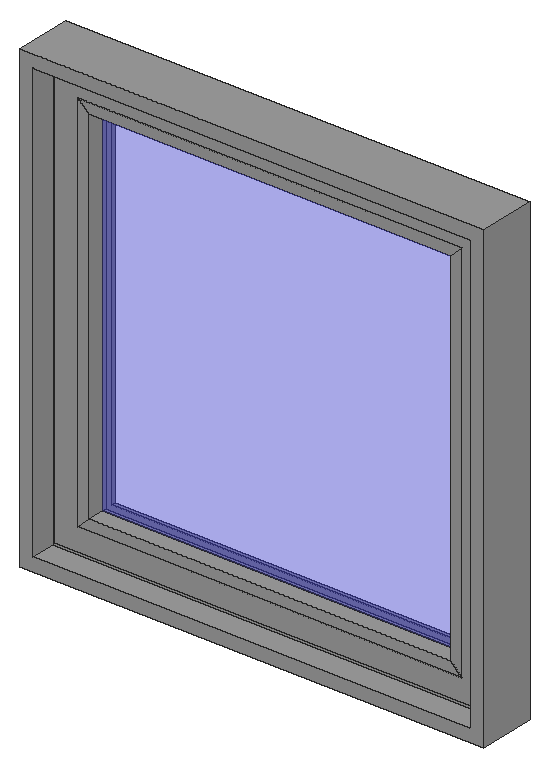
Revit family "16PL IP001_v02", category Windows, host Wall, Revit 2015
Parameters
  Wall Thickness [instance] = 0' - 6"
  URL = "obe.com"
  Rough Width = Width + 0' 0 1/2"  # 3' - 0 1/2"
  Rough Height = Height + 0' 0 1/2"  # 3' - 0 1/2"
  Offset Limitation [instance] = if((Offset + 0' 4 1/2") > Wall Thickness, (Wall Thickness - 0' 4 1/2"), Offset)  # 0' - 0"
  Offset [instance] = 0' - 0"
  Model = "16PL IP001"
  Manufacturer = "Oldcastle BuildingEnvelope®"
  Keynote = "08 51 00"
  Height = 3' - 0"
  Glass Material = Glass
  Frame Material = Aluminum
  Description = "SIGNATURE SERIES 16PL"
  Default Sill Height = 3' - 0"
  Wall Closure = By host
  Width = 3' - 0"
  Construction Type = ""
  Assembly Code = "B2020"
Reference planes (in)
  plane 1 "Center (Front/Back)": y = 0
  plane 2: z = 0
  plane 3 "Center (Left/Right)": x = 0
  plane 4 "Left": x = -18.25
  plane 5 "Right": x = 18.25
  plane 6 "Sill": z = 36
  plane 7 "Top": z = 72.5
  plane 8: x = 18
  plane 9: x = -18
  plane 10: z = 72.25
  plane 11: z = 36.25
  plane 12 "Offset": y = 3
  plane 13: z = 68.9995
  plane 14: z = 39.5005
  plane 15 "INT": y = 1.53125
Forms (in)
  Sweep 1, solid, material "Aluminum" <- "Frame Material"
    path origin (0, 3, 0) x (1, 0, 0) y (0, 0, 1)
      loop
        line (18, 72.5) -> (18, 36)
    profile origin (18, 3, 54.25) x (0, -1, 0) y (1, 0, 0)
      loop
        line (4.5, 0.25) -> (0, 0.25) -> (0, -2.25) -> (0.09375, -2.25) -> (0.09375, -1.375) -> (2.5, -1.375) -> (2.5, -0.75) -> (4.5, -0.75) -> (4.5, 0.25)
  Sweep 2, solid, material "Aluminum" <- "Frame Material"
    path origin (0, 3, 0) x (-1, 0, 0) y (0, 0, 1)
      loop
        line (18, 72.5) -> (18, 36)
    profile origin (-18, 3, 54.25) x (0, -1, 0) y (1, 0, 0)
      loop
        line (4.5, -0.25) -> (4.5, 0.75) -> (2.5, 0.75) -> (2.5, 1.375) -> (0.09375, 1.375) -> (0.09375, 2.25) -> (0, 2.25) -> (0, -0.25) -> (4.5, -0.25)
  Sweep 3, solid, material "Aluminum" <- "Frame Material"
    path origin (0, 3, 0) x (1, 0, 0) y (0, 0, 1)
      loop
        line (18.25, 72.25) -> (-18.25, 72.25)
    profile origin (0, 3, 72.25) x (0, 0, -1) y (0, -1, 0)
      loop
        line (1.125, 2.75) -> (1.125, 2.65625) -> (2.063, 2.65625) -> (2.063, 0.1875) -> (3.7505, 0.1875) -> (3.7505, 0.46875) -> (3.2505, 0.46875) -> (3.2505, 1.46875) -> (3.751, 1.46875) -> (3.751, 2.734) -> (2.8755, 2.75) -> (1.125, 2.75)
  Sweep 4, solid, material "Aluminum" <- "Frame Material"
    path origin (0, 3, 120.5) x (1, 0, 0) y (0, 0, -1)
      loop
        line (18.25, 84.25) -> (-18.25, 84.25)
    profile origin (0, 3, 36.25) x (0, 0, -1) y (0, -1, 0)
      loop
        line (0.25, 4.5) -> (-0.75, 4.5) -> (-0.75, 2.5) -> (-1.375, 2.5) -> (-1.375, 0.09375) -> (-2.25, 0.09375) -> (-2.25, 0) -> (0.25, 0) -> (0.25, 4.5)
  Sweep 5, void
    path origin (0, 3, 0) x (1, 0, 0) y (0, 0, 1)
      loop
        line (18, 72.25) -> (-18, 72.25) -> (-18, 36.25) -> (18, 36.25) -> (18, 72.25)
    profile origin (0, 3, 72.25) x (0, 0, -1) y (0, -1, 0)
      loop
        line (0.75, 2.5) -> (1.125, 2.5) -> (1.125, 2.75) -> (2.8755, 2.75) -> (3.78327, 2.73341) -> (3.78327, 4.5) -> (0.75, 4.5) -> (0.75, 2.5)
  Extrusion 6, solid, material "Glass" <- "Glass Material", detail levels coarse
    sketch origin (0, 0, 36) x (0, -1, 0) y (1, 0, 0)
      loop
        line (-2.53125, -14.7495) -> (-1.53125, -14.7495) -> (-1.53125, 14.7495) -> (-2.53125, 14.7495) -> (-2.53125, -14.7495)
    from 3.5005 to 32.9995
  Extrusion 7, solid, material "Glass" <- "Glass Material", detail levels medium+fine
    sketch origin (0, 0, 36) x (0, -1, 0) y (1, 0, 0)
      loop
        line (-2.53125, -14.7495) -> (-2.28125, -14.7495) -> (-2.28125, 14.7495) -> (-2.53125, 14.7495) -> (-2.53125, -14.7495)
      loop
        line (-1.76855, 14.7495) -> (-1.76855, -14.7495) -> (-1.53125, -14.7495) -> (-1.53125, 14.7495) -> (-1.76855, 14.7495)
    from 3.5005 to 32.9995
  Sweep 8, solid, material "Aluminum" <- "Frame Material"
    path origin (0, 3, 0) x (1, 0, 0) y (0, 0, 1)
      loop
        line (18.25, 72.25) -> (-18.25, 72.25)
    profile origin (0, 3, 72.25) x (0, 0, -1) y (0, -1, 0)
      loop
        line (-0.25, 4.5) -> (-0.25, 0) -> (2.25, 0) -> (2.25, 0.09375) -> (1.375, 0.09375) -> (1.375, 2.5) -> (0.75, 2.5) -> (0.75, 4.5) -> (-0.25, 4.5)
  Sweep 9, solid, material "Aluminum" <- "Frame Material"
    path origin (0, 3, 120.5) x (1, 0, 0) y (0, 0, -1)
      loop
        line (18.25, 84.25) -> (-18.25, 84.25)
    profile origin (0, 3, 36.25) x (0, 0, -1) y (0, -1, 0)
      loop
        line (-1.125, 2.75) -> (-2.8755, 2.75) -> (-3.751, 2.734) -> (-3.751, 1.46875) -> (-3.2505, 1.46875) -> (-3.2505, 0.46875) -> (-3.7505, 0.46875) -> (-3.7505, 0.1875) -> (-2.063, 0.1875) -> (-2.063, 2.65625) -> (-1.125, 2.65625) -> (-1.125, 2.75)
  Sweep 10, solid, material "Aluminum" <- "Frame Material"
    path origin (0, 3, 0) x (1, 0, 0) y (0, 0, 1)
      loop
        line (18, 72.5) -> (18, 36)
    profile origin (18, 3, 54.25) x (0, -1, 0) y (1, 0, 0)
      loop
        line (0.1875, -2.063) -> (0.1875, -3.7505) -> (0.46875, -3.7505) -> (0.46875, -3.2505) -> (1.46875, -3.2505) -> (1.46875, -3.7505) -> (2.734, -3.7505) -> (2.75, -2.8755) -> (2.75, -1.125) -> (2.65625, -1.125) -> (2.65625, -2.063) -> (0.1875, -2.063)
  Sweep 11, solid, material "Aluminum" <- "Frame Material"
    path origin (0, 3, 0) x (-1, 0, 0) y (0, 0, 1)
      loop
        line (18, 72.5) -> (18, 36)
    profile origin (-18, 3, 54.25) x (0, -1, 0) y (1, 0, 0)
      loop
        line (0.1875, 2.063) -> (2.65625, 2.063) -> (2.65625, 1.125) -> (2.75, 1.125) -> (2.75, 2.8755) -> (2.734, 3.7505) -> (1.46875, 3.7505) -> (1.46875, 3.2505) -> (0.46875, 3.2505) -> (0.46875, 3.7505) -> (0.1875, 3.7505) -> (0.1875, 2.063)
Cuts and joins
  Sweep 5 cuts Sweep 1
  Sweep 5 cuts Sweep 2
  Sweep 5 cuts Sweep 3
  Sweep 5 cuts Sweep 4
  Sweep 5 cuts Sweep 9
  Sweep 5 cuts Sweep 10
  Sweep 5 cuts Sweep 11
  joined: Sweep 1, Sweep 2, Sweep 3, Sweep 4, Sweep 8, Sweep 9, Sweep 10, Sweep 11
Lines and regions (in)
  Opening 1
    outline origin (-60, -3, 0) x (1, 0, 0) y (0, 0, 1)
      loop
        line (41.75, 72.5) -> (41.75, 36) -> (78.25, 36) -> (78.25, 72.5) -> (41.75, 72.5)
  model lines, style "Opening Direction"
    curve 1: line (14.2495, 1.53125, 68.499) -> (0, 1.53125, 40.001)
    curve 2: line (0, 1.53125, 40.001) -> (-14.2495, 1.53125, 68.499)
Text (in)
  text "EXTERIOR" at (-58.6888, 50.90694, 0), in view "Ref. Level"
  text "INTERIOR" at (-58.6888, -42.33999, 0), in view "Ref. Level"
  text "Exterior" at (0, 43.65631, 123.19604), in view "Left"
  text "Exterior" at (0, 18.29385, 125.04747), in view "Right"
  text "Min Operable Size\n\n14\" width x 18\" height\n\n\n\nMax Operable Size\n\n72\" x 48\"\n\n\n\nMax Operable Area\n\n20 square feet" at (101.79626, 50.90694, 0), in view "Ref. Level"
Dimensions and locks (in)
  equal spacing: plane 4 "Left", plane 3 "Center (Left/Right)", plane 5 "Right"
  "Rough Height": plane 6 "Sill" to plane 7 "Top"
  "Default Sill Height": plane 2 to plane 6 "Sill"
  locked: plane 6 "Sill" to plane 11 at 0.25
  locked: plane 8 to plane 5 "Right" at 0.25
  "Height": plane 11 to plane 10
  "Offset Limitation": plane 12 "Offset" to host wall
  "Wall Thickness": host wall to host wall
  "Width": plane 9 to plane 8
  "Rough Width": plane 4 "Left" to plane 5 "Right"
  plane 12 "Offset" to Extrusion 6 sketch curve to Extrusion 6 sketch curve = 0' - 0 15/32" locked, 0' - 1" locked
  locked: plane 11 to plane 14 at 3.2505
  locked: plane 10 to plane 13 at 3.2505
  Extrusion 7 sketch curve to Extrusion 7 sketch curve to Extrusion 7 sketch curve to Extrusion 7 sketch curve to plane 12 "Offset" = 0' - 0.2373" locked, 0' - 0.5127" locked, 0' - 0 1/4" locked, 0' - 0 15/32" locked
  locked: plane 15 "INT" to plane 12 "Offset" at 1.46875
  aligned and locked: plane 7 "Top" to Opening 1 sketch curve
  aligned and locked: plane 6 "Sill" to Opening 1 sketch curve  (x2)
  aligned and locked: plane 5 "Right" to Opening 1 sketch curve
  aligned and locked: plane 4 "Left" to Opening 1 sketch curve
  aligned and locked: level to plane 2
  aligned and locked: nested 2 to plane 11
  aligned and locked: plane 7 "Top" to Sweep 1 sketch curve
  aligned and locked: plane 6 "Sill" to Sweep 1 sketch curve
  aligned and locked: Sweep 1 sketch curve to plane 8
  aligned and locked: plane 6 "Sill" to Sweep 2 sketch curve
  aligned and locked: plane 7 "Top" to Sweep 2 sketch curve
  aligned and locked: Sweep 2 sketch curve to plane 9
  aligned and locked: plane 10 to Sweep 3 sketch curve
  aligned and locked: plane 11 to Sweep 4 sketch curve
  aligned and locked: plane 4 "Left" to Sweep 4 sketch curve
  aligned and locked: plane 5 "Right" to Sweep 4 sketch curve
  aligned and locked: plane 5 "Right" to Sweep 3 sketch curve
  aligned and locked: plane 4 "Left" to Sweep 3 sketch curve
  aligned and locked: plane 8 to Sweep 5 sketch curve
  aligned and locked: Sweep 5 sketch curve to plane 9
  aligned and locked: plane 10 to Sweep 5 sketch curve
  aligned and locked: Sweep 5 sketch curve to plane 11
  aligned and locked: Extrusion 6 to plane 14
  aligned and locked: plane 13 to Extrusion 6
  aligned and locked: nested 1 to plane 11
  aligned and locked: plane 12 "Offset" to nested 1
  aligned and locked: plane 3 "Center (Left/Right)" to nested 1
  aligned and locked: Extrusion 6 sketch curve to nested 1  (x2)
  aligned and locked: Extrusion 7 sketch curve to nested 1  (x3)
  aligned and locked: nested 1 to Extrusion 7 sketch curve
  aligned and locked: Extrusion 7 to plane 14
  aligned and locked: plane 13 to Extrusion 7
  aligned and locked: plane 3 "Center (Left/Right)" to curve 1
  aligned and locked: plane 3 "Center (Left/Right)" to nested 2
  aligned and locked: plane 12 "Offset" to nested 2
Automatic sketch dimensions
  plane 12 "Offset" to Sweep 1 sketch curve = 0' - 0"
  profile plane to Sweep 1 sketch curve = 0' - 0 3/4"
  Sweep 1 sketch curve to profile plane = 0' - 0 1/4"
  plane 12 "Offset" to Sweep 2 sketch curve = 0' - 0"
  Sweep 2 sketch curve to profile plane = 0' - 0 3/4"
  profile plane to Sweep 2 sketch curve = 0' - 0 1/4"
  Sweep 2 sketch curve to profile plane = 0' - 2 1/4"
  Sweep 3 sketch curve to Sweep 3 sketch curve = 0' - 1.7505"
  plane 12 "Offset" to Sweep 3 sketch curve = 0' - 0 15/32"
  Sweep 3 sketch curve to Sweep 3 sketch curve = 0' - 1 3/16"
  Sweep 3 sketch curve to Sweep 3 sketch curve = 0' - 0 1/2"
  Sweep 3 sketch curve to Sweep 3 sketch curve = 0' - 0.8755"
  Sweep 3 sketch curve to Sweep 3 sketch curve = 0' - 1"
  Sweep 3 sketch curve to Sweep 3 sketch curve = 0' - 1.26525"
  Sweep 4 sketch curve to plane 12 "Offset" = 0' - 0"
  Sweep 4 sketch curve to Sweep 4 sketch curve = 0' - 0 5/8"
  Sweep 4 sketch curve to profile plane = 0' - 0 1/4"
  Sweep 4 sketch curve to Sweep 4 sketch curve = 0' - 0 3/32"
  Sweep 5 sketch curve to profile plane = 0' - 0 3/4"
  Sweep 5 sketch curve to Sweep 5 sketch curve = 0' - 0 3/8"
  Sweep 5 sketch curve to Sweep 5 sketch curve = 0' - 1.7505"
  plane 12 "Offset" to Sweep 5 sketch curve = 0' - 2 1/2"
  Sweep 5 sketch curve to Sweep 5 sketch curve = 0' - 0 1/4"
  Sweep 5 sketch curve to Sweep 5 sketch curve = 0' - 1 3/4"
  Sweep 5 sketch curve to Sweep 5 sketch curve = 0' - 0.90777"
  Sweep 5 sketch curve to Sweep 5 sketch curve = 0' - 0.01659"
  plane 4 "Left" to Sweep 8 sketch curve = 0' - 0"
  plane 5 "Right" to Sweep 8 sketch curve = 0' - 0"
  Sweep 8 sketch curve to plane 10 = 0' - 0"
  Sweep 8 sketch curve to plane 12 "Offset" = 0' - 0"
  profile plane to Sweep 8 sketch curve = 0' - 0 1/4"
  Sweep 8 sketch curve to profile plane = 0' - 0 3/4"
  plane 12 "Offset" to Sweep 8 sketch curve = 0' - 0 3/32"
  plane 12 "Offset" to Sweep 8 sketch curve = 0' - 2 1/2"
  Sweep 8 sketch curve to Sweep 8 sketch curve = 0' - 0 7/8"
  Sweep 8 sketch curve to Sweep 8 sketch curve = 0' - 0 5/8"
  Sweep 8 sketch curve to Sweep 8 sketch curve = 0' - 2"
  Sweep 3 sketch curve to Sweep 3 sketch curve = 0' - 0 13/16"
  Sweep 3 sketch curve to Sweep 3 sketch curve = 0' - 0 3/32"
  Sweep 3 sketch curve to Sweep 3 sketch curve = 0' - 2 15/32"
  Sweep 3 sketch curve to profile plane = 0' - 1 1/8"
  plane 12 "Offset" to Sweep 3 sketch curve = 0' - 0 3/16"
  plane 4 "Left" to Sweep 9 sketch curve = 0' - 0"
  plane 5 "Right" to Sweep 9 sketch curve = 0' - 0"
  Sweep 9 sketch curve to plane 11 = 0' - 0"
  profile plane to Sweep 9 sketch curve = 0' - 3.751"
  plane 12 "Offset" to Sweep 9 sketch curve = 0' - 0 15/32"
  Sweep 9 sketch curve to Sweep 9 sketch curve = 0' - 0.0005"
  Sweep 9 sketch curve to Sweep 9 sketch curve = 0' - 0 1/2"
  Sweep 9 sketch curve to Sweep 9 sketch curve = 0' - 0.8755"
  profile plane to Sweep 9 sketch curve = 0' - 1 1/8"
  Sweep 9 sketch curve to Sweep 9 sketch curve = 0' - 1"
  Sweep 9 sketch curve to Sweep 9 sketch curve = 0' - 1.26525"
  Sweep 9 sketch curve to Sweep 9 sketch curve = 0' - 0 13/16"
  Sweep 9 sketch curve to Sweep 9 sketch curve = 0' - 2 15/32"
  Sweep 9 sketch curve to Sweep 9 sketch curve = 0' - 0 3/32"
  plane 12 "Offset" to Sweep 9 sketch curve = 0' - 0 3/16"
  Sweep 4 sketch curve to Sweep 4 sketch curve = 0' - 0 7/8"
  Sweep 4 sketch curve to Sweep 4 sketch curve = 0' - 2 13/32"
  profile plane to Sweep 4 sketch curve = 0' - 1 3/8"
  Sweep 4 sketch curve to Sweep 4 sketch curve = 0' - 2"
  Sweep 10 sketch curve to plane 6 "Sill" = 0' - 0"
  plane 8 to Sweep 10 sketch curve = 0' - 0"
  Sweep 10 sketch curve to plane 7 "Top" = 0' - 0"
  plane 12 "Offset" to Sweep 10 sketch curve = 0' - 0 3/16"
  plane 12 "Offset" to Sweep 10 sketch curve = 0' - 0 15/32"
  Sweep 10 sketch curve to Sweep 10 sketch curve = 0' - 1"
  Sweep 10 sketch curve to Sweep 10 sketch curve = 0' - 1.26525"
  Sweep 10 sketch curve to Sweep 10 sketch curve = 0' - 0 3/32"
  Sweep 10 sketch curve to Sweep 10 sketch curve = 0' - 1.7505"
  Sweep 10 sketch curve to Sweep 10 sketch curve = 0' - 0 1/2"  (x2)
  Sweep 11 sketch curve to plane 6 "Sill" = 0' - 0"
  plane 9 to Sweep 11 sketch curve = 0' - 0"
  Sweep 11 sketch curve to plane 7 "Top" = 0' - 0"
  plane 12 "Offset" to Sweep 11 sketch curve = 0' - 0 15/32"
  Sweep 11 sketch curve to Sweep 11 sketch curve = 0' - 1"
  Sweep 11 sketch curve to Sweep 11 sketch curve = 0' - 1.26525"
  Sweep 11 sketch curve to Sweep 11 sketch curve = 0' - 0 3/32"
  Sweep 11 sketch curve to Sweep 11 sketch curve = 0' - 1.7505"
  Sweep 11 sketch curve to Sweep 11 sketch curve = 0' - 0 7/8"
  Sweep 11 sketch curve to Sweep 11 sketch curve = 0' - 0 1/2"  (x2)
  Sweep 10 sketch curve to Sweep 10 sketch curve = 0' - 2 15/32"
  profile plane to Sweep 10 sketch curve = 0' - 3.7505"
  Sweep 10 sketch curve to Sweep 10 sketch curve = 0' - 0 7/8"
  Sweep 10 sketch curve to Sweep 10 sketch curve = 0' - 1 3/16"
  plane 12 "Offset" to Sweep 1 sketch curve = 0' - 0 3/32"
  Sweep 1 sketch curve to Sweep 1 sketch curve = 0' - 2 13/32"
  Sweep 1 sketch curve to Sweep 1 sketch curve = 0' - 0 7/8"
  Sweep 1 sketch curve to Sweep 1 sketch curve = 0' - 2"
  Sweep 1 sketch curve to Sweep 1 sketch curve = 0' - 0 5/8"
  Sweep 11 sketch curve to Sweep 11 sketch curve = 0' - 2 15/32"
  Sweep 11 sketch curve to Sweep 11 sketch curve = 0' - 1 11/16"
  plane 12 "Offset" to Sweep 11 sketch curve = 0' - 0 3/16"
  Sweep 11 sketch curve to profile plane = 0' - 1 1/8"
  Sweep 2 sketch curve to Sweep 2 sketch curve = 0' - 0 3/32"
  Sweep 2 sketch curve to Sweep 2 sketch curve = 0' - 2 13/32"
  Sweep 2 sketch curve to Sweep 2 sketch curve = 0' - 2"
  Sweep 2 sketch curve to Sweep 2 sketch curve = 0' - 0 7/8"
  plane 14 to curve 1 = 0' - 0.5005"
  curve 1 to plane 13 = 0' - 0.5005"
  plane 8 to curve 1 = 0' - 3.7505"
  curve 2 to plane 13 = 0' - 0.5005"
  curve 2 to plane 9 = 0' - 3.7505"
Nested families (in)
  nested 1: "S-16PL-Plan View" at (0, 3, 0.25), Default Sill Height <- "Default Sill Height", Height <- "Height", Width <- "Width", type "S-16PL-Plan View"
    with Width 3' - 0", Height 3' - 0", Default Sill Height 3' - 0"
  nested 2: "S-16PL-Section Operable" at (0, 3, 0.25), Default Sill Height <- "Default Sill Height", Height <- "Height", Width <- "Width", type "S-16PL-Section Operable"
    with Width 3' - 0", Height 3' - 0", Default Sill Height 3' - 0"
Definition of nested family "S-16PL-Plan View"
  Parameters (values of type "S-16PL-Plan View")
    Width [instance] = 2' - 0"
    Height [instance] = 2' - 0"
    Default Sill Height [instance] = 2' - 0"
    Analytic Construction = "<None>"
  Reference planes (in)
    plane 1 "Center (Front/Back)": y = 0
    plane 2: z = 0
    plane 3 "Center (Left/Right)": x = 0
    plane 4: z = 24
  Lines and regions (in)
    model lines, not visible
      curve 1: line (0, 0, 48) -> (0, 0, 24)
  Dimensions and locks (in)
    "Default Sill Height": plane 4 to plane 2
    "Height": curve 1 to plane 4
    aligned and locked: plane 2 to level
    aligned and locked: plane 4 to curve 1
    aligned and locked: curve 1 to plane 1 "Center (Front/Back)"
    aligned and locked: nested 1 to plane 3 "Center (Left/Right)"
    aligned and locked: plane 1 "Center (Front/Back)" to nested 1
  Nested families (in)
    nested 1: "S-16PL-Plan View" at (-12, 0, 0), Width <- "Width", type "S-16PL-Plan View"
      with Width 2' - 0"
  Definition of nested family "S-16PL-Plan View"
    Parameters (values of type "S-16PL-Plan View")
      Width [instance] = 2' - 0"
    Reference planes (in)
      plane 1 "Center (Front/Back)": y = 0
      plane 2: z = 0
      plane 3 "1": x = 0
      plane 4: x = 24
      plane 5: x = 20.7495
      plane 6: x = 3.2505
      plane 7: x = 12
    Lines and regions (in)
      detail lines, in view "Ref. Level"
        curve 1: line (3.2505, -0.46875, 0) -> (20.7495, -0.46875, 0)
        curve 10: line (3.2505, -1.46875, 0) -> (20.7495, -1.46875, 0)
      detail lines, in view "Ref. Level", detail levels fine
        curve 2: line (3.2505, -0.52875, 0) -> (20.7495, -0.52875, 0)
        curve 3: line (3.2505, -0.58875, 0) -> (20.7495, -0.58875, 0)
        curve 4: line (3.2505, -0.64875, 0) -> (20.7495, -0.64875, 0)
        curve 7: line (3.2505, -1.29145, 0) -> (20.7495, -1.29145, 0)
        curve 8: line (3.2505, -1.35145, 0) -> (20.7495, -1.35145, 0)
        curve 9: line (3.2505, -1.41145, 0) -> (20.7495, -1.41145, 0)
      detail lines, in view "Ref. Level", detail levels medium+fine
        curve 5: line (3.2505, -0.71875, 0) -> (20.7495, -0.71875, 0)
        curve 6: line (3.2505, -1.23145, 0) -> (20.7495, -1.23145, 0)
    Dimensions and locks (in)
      "Width": plane 3 "1" to plane 4
      locked: plane 3 "1" to plane 6 at 3.2505
      locked: plane 5 to plane 4 at 3.2505
      equal spacing: plane 3 "1", plane 7, plane 4
      aligned and locked: nested 2 to plane 3 "1"
      aligned and locked: nested 2 to plane 1 "Center (Front/Back)"
      aligned and locked: nested 1 to plane 4
      aligned and locked: nested 1 to plane 1 "Center (Front/Back)"
      aligned and locked: plane 5 to curve 1
      aligned and locked: plane 5 to curve 2
      aligned and locked: plane 5 to curve 3
      aligned and locked: plane 5 to curve 4
      aligned and locked: plane 5 to curve 5
      aligned and locked: plane 5 to curve 6
      aligned and locked: plane 5 to curve 7
      aligned and locked: plane 5 to curve 8
      aligned and locked: plane 5 to curve 9
      aligned and locked: plane 5 to curve 10
      aligned and locked: plane 6 to curve 1
      aligned and locked: plane 6 to curve 2
      aligned and locked: plane 6 to curve 3
      aligned and locked: plane 6 to curve 4
      aligned and locked: plane 6 to curve 5
      aligned and locked: plane 6 to curve 6
      aligned and locked: plane 6 to curve 7
      aligned and locked: plane 6 to curve 8
      aligned and locked: plane 6 to curve 9
      aligned and locked: plane 6 to curve 10
    Automatic sketch dimensions
      plane 1 "Center (Front/Back)" to curve 10 = 0' - 1 15/32"
      curve 10 to curve 9 = 0' - 0.0573"
      curve 9 to curve 8 = 0' - 0.06"
      curve 8 to curve 7 = 0' - 0.06"
      curve 7 to curve 6 = 0' - 0.06"
      curve 6 to curve 5 = 0' - 0.5127"
      curve 5 to curve 4 = 0' - 0.07"
      curve 4 to curve 3 = 0' - 0.06"
      curve 3 to curve 2 = 0' - 0.06"
      curve 2 to curve 1 = 0' - 0.06"
    Nested families (in)
      nested 1: "S-16PL-JAMB L" at (24, 0, 0) x (-1, 0, 0) z (0, 0, 1), type "S-16PL-JAMB L", in view "Ref. Level"
      nested 2: "S-16PL-JAMB R" at (0, 0, 0) x (-1, 0, 0) z (0, 0, 1), type "S-16PL-JAMB R", in view "Ref. Level"
    Definition of nested family "S-16PL-JAMB L"
      Reference planes (in)
        plane 1 "Center (Front/Back)": y = 0
        plane 2: z = 0
        plane 3 "Center (Left/Right)": x = 0
      Lines and regions (in)
        detail lines, in view "Ref. Level"
          curve 1: line (2.8755, 2.75, 0) -> (1.125, 2.75, 0)
          curve 2: line (1.125, 2.75, 0) -> (1.125, 2.5, 0)
          curve 3: line (1.125, 2.5, 0) -> (0.75, 2.5, 0)
          curve 4: line (0.75, 2.5, 0) -> (0.75, 4.5, 0)
          curve 5: line (0.75, 4.5, 0) -> (-0.25, 4.5, 0)
          curve 6: line (-0.25, 4.5, 0) -> (-0.25, 0, 0)
          curve 7: line (-0.25, 0, 0) -> (2.25, 0, 0)
          curve 8: line (2.25, 0, 0) -> (2.25, 0.1875, 0)
          curve 9: line (2.25, 0.1875, 0) -> (3.7505, 0.1875, 0)
          curve 10: line (3.7505, 0.1875, 0) -> (3.7505, 0.46875, 0)
          curve 11: line (3.7505, 0.46875, 0) -> (3.2505, 0.46875, 0)
          curve 12: line (3.2505, 0.46875, 0) -> (3.2505, 1.46875, 0)
          curve 13: line (3.2505, 1.46875, 0) -> (3.7505, 1.46875, 0)
          curve 14: line (3.7505, 1.46875, 0) -> (3.7505, 2.734, 0)
          curve 15: line (3.7505, 2.734, 0) -> (2.8755, 2.75, 0)
    Definition of nested family "S-16PL-JAMB R"
      Reference planes (in)
        plane 1 "Center (Front/Back)": y = 0
        plane 2: z = 0
        plane 3 "Center (Left/Right)": x = 0
      Lines and regions (in)
        detail lines, in view "Ref. Level"
          curve 1: line (-2.8755, 2.75, 0) -> (-1.125, 2.75, 0)
          curve 2: line (-1.125, 2.75, 0) -> (-1.125, 2.5, 0)
          curve 3: line (-1.125, 2.5, 0) -> (-0.75, 2.5, 0)
          curve 4: line (-0.75, 2.5, 0) -> (-0.75, 4.5, 0)
          curve 5: line (-0.75, 4.5, 0) -> (0.25, 4.5, 0)
          curve 6: line (0.25, 4.5, 0) -> (0.25, 0, 0)
          curve 7: line (0.25, 0, 0) -> (-2.25, 0, 0)
          curve 8: line (-2.25, 0, 0) -> (-2.25, 0.1875, 0)
          curve 9: line (-2.25, 0.1875, 0) -> (-3.7505, 0.1875, 0)
          curve 10: line (-3.7505, 0.1875, 0) -> (-3.7505, 0.46875, 0)
          curve 11: line (-3.7505, 0.46875, 0) -> (-3.2505, 0.46875, 0)
          curve 12: line (-3.2505, 0.46875, 0) -> (-3.2505, 1.46875, 0)
          curve 13: line (-3.2505, 1.46875, 0) -> (-3.7505, 1.46875, 0)
          curve 14: line (-3.7505, 1.46875, 0) -> (-3.7505, 2.734, 0)
          curve 15: line (-3.7505, 2.734, 0) -> (-2.8755, 2.75, 0)
Definition of nested family "S-16PL-Section Operable"
  Parameters (values of type "S-16PL-Section Operable")
    Width [instance] = 2' - 0"
    Height [instance] = 4' - 0"
    Default Sill Height [instance] = 2' - 0"
    Analytic Construction = "<None>"
  Reference planes (in)
    plane 1 "Center (Front/Back)": y = 0
    plane 2: z = 0
    plane 3 "Center (Left/Right)": x = 0
    plane 4: z = 24
  Lines and regions (in)
    model lines, not visible
      curve 1: line (-12, 0, 0) -> (12, 0, 0)
  Dimensions and locks (in)
    equal spacing: curve 1, plane 3 "Center (Left/Right)", curve 1
    "Width": curve 1 to curve 1
    "Default Sill Height": plane 4 to plane 2
    aligned and locked: plane 2 to level
    aligned and locked: plane 4 to nested 1
    aligned and locked: nested 1 to plane 1 "Center (Front/Back)"
    aligned and locked: plane 1 "Center (Front/Back)" to curve 1
  Nested families (in)
    nested 1: "S-16PL-Section Operable" at (0, 0, 24) x (0, -1, 0) z (1, 0, 0), Height <- "Height", type "S-16PL-Section Operable"
      with Height 4' - 0"
  Definition of nested family "S-16PL-Section Operable"
    Parameters (values of type "S-16PL-Section Operable")
      Height [instance] = 3' - 0"
    Reference planes (in)
      plane 1 "Center (Front/Back)": y = 0
      plane 2: z = 0
      plane 3 "Center (Left/Right)": x = 0
      plane 4: y = 36
      plane 5: y = 32.7495
      plane 6: y = 3.2505
    Lines and regions (in)
      detail lines, in view "Ref. Level"
        curve 1: line (0.46875, 32.7495, 0) -> (0.46875, 3.2505, 0)
        curve 10: line (1.46875, 32.7495, 0) -> (1.46875, 3.2505, 0)
      detail lines, in view "Ref. Level", detail levels fine
        curve 2: line (0.52605, 32.7495, 0) -> (0.52605, 3.2505, 0)
        curve 3: line (0.58605, 32.7495, 0) -> (0.58605, 3.2505, 0)
        curve 4: line (0.64605, 32.7495, 0) -> (0.64605, 3.2505, 0)
        curve 7: line (1.28875, 32.7495, 0) -> (1.28875, 3.2505, 0)
        curve 8: line (1.34875, 32.7495, 0) -> (1.34875, 3.2505, 0)
        curve 9: line (1.40875, 32.7495, 0) -> (1.40875, 3.2505, 0)
      detail lines, in view "Ref. Level", detail levels medium+fine
        curve 5: line (0.70605, 32.7495, 0) -> (0.70605, 3.2505, 0)
        curve 6: line (1.21875, 32.7495, 0) -> (1.21875, 3.2505, 0)
    Dimensions and locks (in)
      "Height": plane 1 "Center (Front/Back)" to plane 4
      locked: plane 6 to plane 1 "Center (Front/Back)" at 3.2505
      locked: plane 4 to plane 5 at 3.2505
      aligned and locked: plane 1 "Center (Front/Back)" to nested 2
      aligned and locked: plane 3 "Center (Left/Right)" to nested 2
      aligned and locked: nested 1 to plane 4
      aligned and locked: plane 3 "Center (Left/Right)" to nested 1
      aligned and locked: plane 6 to curve 1
      aligned and locked: plane 6 to curve 2
      aligned and locked: plane 6 to curve 3
      aligned and locked: plane 6 to curve 4
      aligned and locked: plane 6 to curve 5
      aligned and locked: plane 6 to curve 6
      aligned and locked: plane 6 to curve 7
      aligned and locked: plane 6 to curve 8
      aligned and locked: plane 6 to curve 9
      aligned and locked: plane 6 to curve 10
      aligned and locked: plane 5 to curve 1
      aligned and locked: plane 5 to curve 2
      aligned and locked: plane 5 to curve 3
      aligned and locked: plane 5 to curve 4
      aligned and locked: plane 5 to curve 5
      aligned and locked: plane 5 to curve 6
      aligned and locked: plane 5 to curve 7
      aligned and locked: plane 5 to curve 8
      aligned and locked: plane 5 to curve 9
      aligned and locked: plane 5 to curve 10
    Automatic sketch dimensions
      plane 3 "Center (Left/Right)" to curve 1 = 0' - 0 15/32"
      curve 1 to curve 2 = 0' - 0.0573"
      curve 2 to curve 3 = 0' - 0.06"
      curve 3 to curve 4 = 0' - 0.06"
      curve 4 to curve 5 = 0' - 0.06"
      curve 5 to curve 6 = 0' - 0.5127"
      curve 6 to curve 7 = 0' - 0.07"
      curve 7 to curve 8 = 0' - 0.06"
      curve 8 to curve 9 = 0' - 0.06"
      curve 9 to curve 10 = 0' - 0.06"
    Nested families (in)
      nested 1: "S-16PL-HEAD" at (0, 36, 0), type "S-16PL-HEAD", in view "Ref. Level"
      nested 2: "S-16PL-SILL" at (0, 0, 0), type "S-16PL-SILL", in view "Ref. Level"
    Definition of nested family "S-16PL-HEAD"
      Reference planes (in)
        plane 1 "Center (Front/Back)": y = 0
        plane 2: z = 0
        plane 3 "Center (Left/Right)": x = 0
      Lines and regions (in)
        detail lines, in view "Ref. Level"
          curve 1: line (4.5, 0.25, 0) -> (0, 0.25, 0)
          curve 2: line (0, 0.25, 0) -> (0, -2.25, 0)
          curve 3: line (0, -2.25, 0) -> (0.1875, -2.25, 0)
          curve 4: line (0.1875, -2.25, 0) -> (0.1875, -3.7505, 0)
          curve 5: line (0.1875, -3.7505, 0) -> (0.46875, -3.7505, 0)
          curve 6: line (0.46875, -3.7505, 0) -> (0.46875, -3.2505, 0)
          curve 7: line (0.46875, -3.2505, 0) -> (1.46875, -3.2505, 0)
          curve 8: line (1.46875, -3.2505, 0) -> (1.46875, -3.751, 0)
          curve 9: line (1.46875, -3.751, 0) -> (2.734, -3.751, 0)
          curve 10: line (2.734, -3.751, 0) -> (2.75, -2.8755, 0)
          curve 11: line (2.75, -2.8755, 0) -> (2.75, -1.125, 0)
          curve 12: line (2.75, -1.125, 0) -> (2.5, -1.125, 0)
          curve 13: line (2.5, -1.125, 0) -> (2.5, -0.75, 0)
          curve 14: line (2.5, -0.75, 0) -> (4.5, -0.75, 0)
          curve 15: line (4.5, -0.75, 0) -> (4.5, 0.25, 0)
    Definition of nested family "S-16PL-SILL"
      Reference planes (in)
        plane 1 "Center (Front/Back)": y = 0
        plane 2: z = 0
        plane 3 "Center (Left/Right)": x = 0
      Lines and regions (in)
        detail lines, in view "Ref. Level"
          curve 1: line (1.46875, 3.7505, 0) -> (2.734, 3.7505, 0)
          curve 2: line (2.734, 3.7505, 0) -> (2.75, 2.876, 0)
          curve 3: line (2.75, 2.876, 0) -> (2.75, 1.125, 0)
          curve 4: line (2.75, 1.125, 0) -> (2.5, 1.125, 0)
          curve 5: line (2.5, 1.125, 0) -> (2.5, 0.75, 0)
          curve 6: line (2.5, 0.75, 0) -> (4.5, 0.75, 0)
          curve 7: line (4.5, 0.75, 0) -> (4.5, -0.25, 0)
          curve 8: line (4.5, -0.25, 0) -> (0, -0.25, 0)
          curve 9: line (0, -0.25, 0) -> (0, 2.25, 0)
          curve 10: line (0, 2.25, 0) -> (0.1875, 2.25, 0)
          curve 11: line (0.1875, 2.25, 0) -> (0.1875, 3.7505, 0)
          curve 12: line (0.1875, 3.7505, 0) -> (0.46875, 3.7505, 0)
          curve 13: line (0.46875, 3.7505, 0) -> (0.46875, 3.2505, 0)
          curve 14: line (0.46875, 3.2505, 0) -> (1.46875, 3.2505, 0)
          curve 15: line (1.46875, 3.2505, 0) -> (1.46875, 3.7505, 0)
